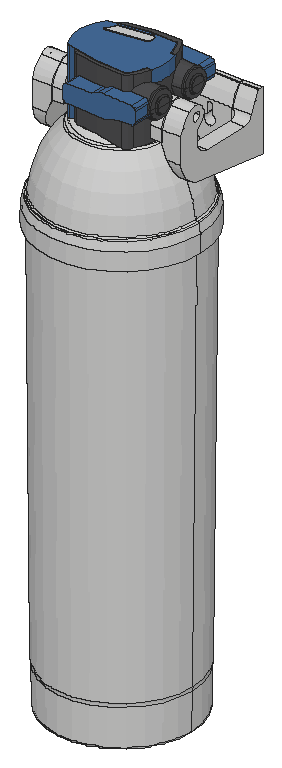
Revit family "QF_Vivreau_PURITY C500 Steam Advanced", category Specialty Equipment, Revit 2020
Family settings
  Round Connector Dimension = Use Diameter
  Part Type = Normal
  OmniClass Number = 23.40.40.14.24
  OmniClass Title = Food Dispensing Equipment
  Work Plane-Based = No
  Always vertical = Yes
  Cut with Voids When Loaded = No
  Shared = No
  Room Calculation Point = No
Parameters
  Width = 0' - 5 55/64"  # constant formula
  Weight in Pounds = 10.14
  Wall Bracket Location [instance] = if(Wall Bracket, 0' 0 15/16", 0' 0")  # 0' - 0 15/16"
  Wall Bracket [instance] = yes
  URL Cutsheet = "https://vivreauwater.com/wp-content/uploads/2024/06/Datasheet_VIVREAU_PURITY_C_Quell_ST_Advanced.pdf"
  URL = "https://vivreauwater.com/products/purity-c-quell-st-advanced/"
  Status = ""
  Specification by User [instance] = ""
  Specification by Manufacturer = "(1054239) Vivreau Purity C500 Steam ADVANCED Filter Exchange cartridge up to 1235 gallons capacity, catalytic carbon, ion exchange for scale chloramine protection for combi & steamers NSF (NET)"
  Serial Number [instance] = ""
  Seismic Rating = ""
  SMACNA No = ""
  Revision Code = ""
  Plumbing Remarks = ""
  Plumbing Connection Type = "NPT"
  NAFEM Spec ID Number = ""
  Mounting Height [instance] = 3' - 0"
  Model = "PURITY C500 Steam Advanced"
  Masterspec = "Division 11"
  Manufacturer = "Vivreau"
  Item Number [instance] = ""
  Installed By [instance] = ""
  Identify Quantity as Lot = yes
  Height = 1' - 9 197/256"  # constant formula
  Furnished By [instance] = ""
  Foodservice Equipment Identifier = yes
  Description = "Water Filter"
  Depth = 0' - 5 221/256"  # constant formula
  Default Elevation = 0' - 0"
  Cold Water Temperature Recommended = 40 °F
  Cold Water Size = 1/2"
  Cold Water RI Height = 0' - 0"
  Cold Water Minimum Pressure = 29.00 psi
  Cold Water Maximum Pressure = 124.00 psi
  Cold Water Flow = 0.440 GPM
  Cold Water Connection Height = 1' - 9"
  CSI MasterFormat = "11 46 00"
  Assembly Code = "E1090320"
Reference planes (in)
  plane 1 "BACK": y = 0
  plane 2 "REF. LAYER": z = 0
  plane 3 "Center (Left/Right)": x = 2.125
  plane 4 "Center (Front/Back)": y = -2.125
  plane 5 "Center (Bottom/Top)": z = 47.29316
  plane 6 "Center F/C": z = 57.76953
  plane 7 "Center F/G": z = 55.95224
  plane 8 "Center F/I": z = 56.86797
  plane 9 "Center F/J": x = 4.31004
  plane 10 "Center F/K": y = 0.9375
  plane 11 "Center F/S": z = 36
  plane 12 "Center F/T": x = -0.80556
  plane 13 "Center F/U": x = 5.05382
  plane 14 "Center F/V": y = -5.05612
  plane 15 "Center F/W": y = 0.80717
Forms (in)
  Revolve 1, solid, material "QF_Plastic-Grey-Vivreau"
    sketch origin (0, -2.125, 0) x (1, 0, 0) y (0, 0, 1)
      loop
        arc (2.12444, 36.23045) -> (3.38956, 36.25642) -> (4.59798, 36.63181) r 4.52345
        line (4.59798, 36.63181) -> (4.59798, 36.02069)
        arc (4.59798, 36.02069) -> (4.60404, 36.00606) -> (4.61867, 36) r 0.02069
        line (4.61867, 36) -> (4.70235, 36)
        arc (4.70235, 36) -> (4.71703, 36.00604) -> (4.7232, 36.02067) r 0.02085
        line (4.7232, 36.02067) -> (4.73499, 37.37156)
        arc (4.73499, 37.37156) -> (4.74215, 37.44281) -> (4.76216, 37.51157) r 0.39196
        line (4.76216, 37.51157) -> (4.88652, 51.95047) -> (5.05382, 51.95047) -> (5.04822, 52.59214) -> (4.96637, 52.8976)
        arc (4.96637, 52.8976) -> (4.95231, 52.91865) -> (4.92834, 52.92678) r 0.03937
        line (4.92834, 52.92678) -> (4.89246, 52.92678)
        arc (4.89246, 52.92678) -> (4.86528, 52.93767) -> (4.85313, 52.96431) r 0.03937
        arc (4.85313, 52.96431) -> (4.53924, 54.20428) -> (3.80842, 55.25402) r 3.57005
        arc (3.80842, 55.25402) -> (3.78071, 55.28126) -> (3.75272, 55.30821) r 3.6804
        arc (3.75272, 55.30821) -> (3.71893, 55.3366) -> (3.68187, 55.36057) r 0.35433
        arc (3.68187, 55.36057) -> (3.5672, 55.42144) -> (3.44977, 55.47679) r 2.72835
        line (3.44977, 55.47679) -> (3.02328, 55.47679) -> (3.02328, 55.95224) -> (2.12444, 55.95224) -> (2.12444, 36.23045)
      axis (2.12444, 55.95224) -> (2.12444, 36)
    angle from 0 to 360
Lines and regions (in)
  symbolic lines
    curve 1: arc (-0.58802, -1.01552, 0) -> (2.12941, -5.05611, 0) -> (4.83467, -1.00736, 0) r 2.93112
    curve 2: arc (0.66677, 0.41764, 0) -> (0.46868, 0.29327, 0) -> (0.28114, 0.15351, 0) r 2.93112
    curve 3: arc (3.96719, 0.15486, 0) -> (3.78043, 0.29388, 0) -> (3.58323, 0.41764, 0) r 2.93112
Dimensions and locks (in)
  plane 4 "Center (Front/Back)" to plane 1 "BACK" = 0' - 2 1/8"
  plane 8 "Center F/I" to plane 7 "Center F/G" to plane 5 "Center (Bottom/Top)" to plane 11 "Center F/S" = 0' - 0.91573" locked, 0' - 8.65907" locked, 0' - 11.29316" locked
  "Wall Bracket Location": plane 1 "BACK" to plane 10 "Center F/K"
  "Height": plane 6 "Center F/C" to plane 11 "Center F/S"
  "Mounting Height": plane 11 "Center F/S" to plane 2 "REF. LAYER"
  "Depth": plane 15 "Center F/W" to plane 14 "Center F/V"
  "Width": plane 12 "Center F/T" to plane 13 "Center F/U"
  aligned and locked: level to plane 2 "REF. LAYER"
  aligned and locked: plane 10 "Center F/K" to nested 2
  aligned and locked: plane 4 "Center (Front/Back)" to nested 1
  aligned and locked: plane 7 "Center F/G" to Revolve 1 sketch curve
  aligned and locked: plane 11 "Center F/S" to Revolve 1 sketch curve
Automatic sketch dimensions
  Revolve 1 sketch curve to plane 3 "Center (Left/Right)" = 0' - 0.91066"
  Revolve 1 sketch curve to Revolve 1 sketch curve = 0' - 0.07695"
  Revolve 1 sketch curve to plane 3 "Center (Left/Right)" = 0' - 0.00056"  (x2)
  plane 3 "Center (Left/Right)" to Revolve 1 sketch curve = 0' - 0.22066"
  plane 3 "Center (Left/Right)" to Revolve 1 sketch curve = 0' - 0.54005"
  Revolve 1 sketch curve to plane 7 "Center F/G" = 0' - 0.47545"
  plane 3 "Center (Left/Right)" to Revolve 1 sketch curve = 0' - 0.89828"
  Revolve 1 sketch curve to Revolve 1 sketch curve = 0' - 0.42649"
  Revolve 1 sketch curve to Revolve 1 sketch curve = 0' - 0.05856"
  plane 9 "Center F/J" to Revolve 1 sketch curve = 0' - 0.28794"
  plane 11 "Center F/S" to Revolve 1 sketch curve = 0' - 0.02069"
  Revolve 1 sketch curve to Revolve 1 sketch curve = 0' - 0.08369"
  plane 11 "Center F/S" to Revolve 1 sketch curve = 0' - 0.02067"
  Revolve 1 sketch curve to Revolve 1 sketch curve = 0' - 0.02085"
  plane 9 "Center F/J" to Revolve 1 sketch curve = 0' - 0.42495"
  Revolve 1 sketch curve to Revolve 1 sketch curve = 0' - 0.02717"
  plane 13 "Center F/U" to Revolve 1 sketch curve = 0' - 0.16729"
  plane 13 "Center F/U" to Revolve 1 sketch curve = 0' - 0.16136"
  Revolve 1 sketch curve to Revolve 1 sketch curve = 0' - 0.03588"
  Revolve 1 sketch curve to Revolve 1 sketch curve = 0' - 0.03803"
  plane 13 "Center F/U" to Revolve 1 sketch curve = 0' - 0.0056"
  plane 13 "Center F/U" to Revolve 1 sketch curve = 0' - 0"
  Revolve 1 sketch curve to plane 13 "Center F/U" = 0' - 0.07312"
  plane 11 "Center F/S" to Revolve 1 sketch curve = 0' - 0.23045"
  Revolve 1 sketch curve to Revolve 1 sketch curve = 0' - 0.61112"
  Revolve 1 sketch curve to Revolve 1 sketch curve = 0' - 0.73632"
  Revolve 1 sketch curve to Revolve 1 sketch curve = 0' - 0.00344"
  Revolve 1 sketch curve to Revolve 1 sketch curve = 0' - 0.64166"
  Revolve 1 sketch curve to plane 7 "Center F/G" = 0' - 3.30897"
  Revolve 1 sketch curve to Revolve 1 sketch curve = 0' - 0.0791"
  Revolve 1 sketch curve to Revolve 1 sketch curve = 0' - 0.29528"
  Revolve 1 sketch curve to Revolve 1 sketch curve = 0' - 0.01019"
  Revolve 1 sketch curve to Revolve 1 sketch curve = 0' - 0.03937"
  Revolve 1 sketch curve to Revolve 1 sketch curve = 0' - 0.25946"
  Revolve 1 sketch curve to Revolve 1 sketch curve = 0' - 0.42514"
  Revolve 1 sketch curve to Revolve 1 sketch curve = 0' - 0"  (x3)
  Revolve 1 sketch curve to Revolve 1 sketch curve = 0' - 0.0557"
  Revolve 1 sketch curve to Revolve 1 sketch curve = 0' - 0.99634"
  Revolve 1 sketch curve to Revolve 1 sketch curve = 0' - 0 3/4"
  curve 1 to curve 2 = 0' - 0"  (x2)
  curve 1 to curve 3 = 0' - 0"  (x2)
  curve 2 to curve 3 = 0' - 0"  (x2)
  curve 1 to plane 3 "Center (Left/Right)" = 0' - 0"
  plane 4 "Center (Front/Back)" to curve 2 = 0' - 0"
  curve 2 to plane 1 "BACK" = 0' - 0.41764"
  curve 2 to plane 3 "Center (Left/Right)" = 0' - 1.45823"
  curve 2 to plane 1 "BACK" = 0' - 0.15351"
  plane 12 "Center F/T" to curve 1 = 0' - 0.21753"
  curve 3 to plane 9 "Center F/J" = 0' - 0.72681"
  curve 3 to plane 1 "BACK" = 0' - 0.15486"
  curve 3 to plane 9 "Center F/J" = 0' - 0.34285"
  plane 13 "Center F/U" to curve 1 = 0' - 0.21915"
  plane 1 "BACK" to curve 1 = 0' - 1.01552"
Nested families (in)
  nested 1: "QF_Vivreau_ Filter Head_C500" at (0.56167, -0.22503, 0), Mounting Height <- "Mounting Height", type "QF_Vivreau_ Filter Head_C500"
    with Specification by User "", Serial Number "", Mounting Height 3' - 0", Installed By "", Furnished By ""
  nested 2: "QF_Vivreau_Wall Bracket_C500" at (-0.61927, 0.9375, 0), Mounting Height <- "Mounting Height", visible <- "Wall Bracket", type "QF_Vivreau_Wall Bracket_C500"
    with Specification by User "", Serial Number "", Mounting Height 3' - 0", Installed By "", Furnished By ""
Connectors (in)
  piping at (4.31004, -2.9124, 56.91406), diameter 0.5, driven by "Cold Water Size", driven by "Cold Water Flow"
    settings: on nested 1, index 1, connector inside diameter 24", connector length 0' - 0", flow factor 0, pipe flow 0.440 GPM, pressure drop 0.00 psi, fitting loss kfactor 0, connector angle 0.00°, fixture units 0, engagement length 0' - 0", angle of deflection 0.00°, flow configuration 1, flow direction 1, fitting loss method 0, system type 20, joint type 0, gender type 0, connector reference index -1, connector utility 0, adjustable connector no, is connector primary yes, connector description "Cold Water"
Definition of nested family "QF_Vivreau_ Filter Head_C500"
  Parameters (values of type "QF_Vivreau_ Filter Head_C500")
    Width = 3' - 0"
    Weight in Pounds = 0
    URL Cutsheet = ""
    Status = ""
    Specification by User [instance] = ""
    Specification by Manufacturer = ""
    Serial Number [instance] = ""
    Seismic Rating = ""
    SMACNA No = ""
    Revision Code = ""
    NAFEM Spec ID Number = ""
    Mounting Height [instance] = 3' - 0"
    Masterspec = ""
    Installed By [instance] = ""
    Identify Quantity as Lot = yes
    Height = 3' - 0"
    Furnished By [instance] = ""
    Foodservice Equipment Identifier = yes
    Depth = 3' - 0"
    Default Elevation = 0' - 0"
    CSI MasterFormat = ""
  Reference planes (in)
    plane 1 "BACK": y = 0
    plane 2 "REF. LAYER": z = 0
    plane 3 "LEFT": x = 0
    plane 4 "Center F/C": x = 3.74837
    plane 5 "Center F/D": y = -3.83618
    plane 6 "Center F/E": z = 56.91406
    plane 7 "Center F/F": z = 57.76895
    plane 8 "Center F/G": z = 55.34513
    plane 9 "Center F/H": z = 56.44072
    plane 10 "Center F/I": z = 57.26882
    plane 11 "Center F/J": y = -1.89997
    plane 12 "Center F/P": z = 36
    plane 13 "Center F/Q": z = 57.62614
  Forms (in)
    Extrusion 1, solid
      sketch origin (-0.56167, 0.22503, 0) x (1, 0, 0) y (0, 1, 0)
        loop
          arc (3.17939, -3.30146) -> (3.22697, -3.28602) -> (3.25911, -3.24769) r 0.09059
          arc (3.25911, -3.24769) -> (3.55796, -2.125) -> (3.25911, -1.00231) r 2.25819
          arc (3.25911, -1.00231) -> (3.22697, -0.96398) -> (3.17939, -0.94854) r 0.09059
          arc (3.17939, -0.94854) -> (2.02567, -0.99526) -> (0.89165, -1.21272) r 7.75678
          arc (0.89165, -1.21272) -> (0.86179, -1.21999) -> (0.83702, -1.2382) r 0.07824
          arc (0.83702, -1.2382) -> (0.56167, -2.125) -> (0.83702, -3.0118) r 1.56569
          arc (0.83702, -3.0118) -> (0.86179, -3.03001) -> (0.89165, -3.03728) r 0.07824
          arc (0.89165, -3.03728) -> (2.02567, -3.25474) -> (3.17939, -3.30146) r 7.75678
      from 55.34513 to 57.76895
    Revolve 2, solid
      sketch origin (-16.04659, -180, 56.91406) x (-1, 0, 0) y (0, -1, 0)
        loop
          line (-19.59812, -178.88743) -> (-18.72075, -178.88743) -> (-18.7668, -178.36111) -> (-19.59812, -178.37562) -> (-19.59812, -178.88743)
        axis (-18.72075, -178.88743) -> (-19.59812, -178.88743)
      angle from 0 to 360
    Revolve 3, solid
      sketch origin (-16.04659, -180, 56.91406) x (-1, 0, 0) y (0, -1, 0)
        loop
          line (-19.59812, -177.31262) -> (-18.72075, -177.31262) -> (-18.7668, -176.7863) -> (-19.59812, -176.80081) -> (-19.59812, -177.31262)
        axis (-18.72075, -177.31262) -> (-19.59812, -177.31262)
      angle from 0 to 360
    Extrusion 4, void
      sketch origin (-0.56167, 0.22503, 0) x (0, 1, 0) y (0, 0, 1)
        loop
          circle (-2.125, 56.38257) r 0.20757
      from 3.17075 to 3.70744
    Extrusion 5, void
      sketch origin (-2.8954, 0.22503, 0) x (0, 1, 0) y (0, 0, 1)
        loop
          circle (-2.125, 56.38257) r 0.20757
      from 2.77402 to 3.28855
    Revolve 6, solid
      sketch origin (-16.04659, -180, 56.91406) x (-1, 0, 0) y (0, -1, 0)
        loop
          line (-19.59812, -178.88743) -> (-19.59812, -178.41499) -> (-19.69654, -178.41499) -> (-19.69654, -178.58034) -> (-19.73591, -178.58379) -> (-19.73591, -178.63349) -> (-19.79497, -178.63349) -> (-19.79497, -178.88743) -> (-19.59812, -178.88743)
        axis (-19.59812, -178.88743) -> (-19.79497, -178.88743)
      angle from 0 to 360
    Revolve 7, solid
      sketch origin (-16.04659, -180, 56.91406) x (-1, 0, 0) y (0, -1, 0)
        loop
          line (-19.59812, -177.31262) -> (-19.59812, -176.84018) -> (-19.69654, -176.84018) -> (-19.69654, -177.00554) -> (-19.73591, -177.00898) -> (-19.73591, -177.05869) -> (-19.79497, -177.05869) -> (-19.79497, -177.31262) -> (-19.59812, -177.31262)
        axis (-19.59812, -177.31262) -> (-19.79497, -177.31262)
      angle from 0 to 360
    Extrusion 8, solid
      sketch origin (0, 0, 0) x (0, 1, 0) y (0, 0, 1)
        loop
          circle (-1.89997, 56.38257) r 0.20757
        loop
          circle (-1.89997, 56.38257) r 0.14507
      from 2.60908 to 3.01441
    Extrusion 9, solid
      sketch origin (-2.62125, 0, 0) x (0, 1, 0) y (0, 0, 1)
        loop
          circle (-1.89997, 56.38257) r 0.20757
        loop
          circle (-1.89997, 56.38257) r 0.14507
      from 2.60908 to 3.01441
    Extrusion 10, solid
      sketch origin (0, 0, 17.66797) x (1, 0, 0) y (0, 1, 0)
        loop
          arc (2.61773, -0.72352) -> (2.65703, -0.73399) -> (2.68778, -0.7606) r 0.09059
          arc (2.68778, -0.7606) -> (2.99629, -1.89997) -> (2.68778, -3.03935) r 2.25819
          arc (2.68778, -3.03935) -> (2.65703, -3.06596) -> (2.61773, -3.07643) r 0.09059
          arc (2.61773, -3.07643) -> (1.60555, -3.04475) -> (0.60613, -2.88147) r 7.75678
          arc (0.60613, -2.88147) -> (0.72009, -2.98959) -> (0.8462, -3.08325) r 1.30616
          arc (0.8462, -3.08325) -> (1.72654, -3.2138) -> (2.6163, -3.23254) r 7.05821
          arc (2.6163, -3.23254) -> (2.77551, -3.16312) -> (2.87152, -3.01839) r 0.30684
          arc (2.87152, -3.01839) -> (3.18694, -1.89997) -> (2.87152, -0.78156) r 2.14057
          arc (2.87152, -0.78156) -> (2.77551, -0.63683) -> (2.6163, -0.5674) r 0.30684
          arc (2.6163, -0.5674) -> (1.72654, -0.58614) -> (0.8462, -0.7167) r 7.05821
          arc (0.8462, -0.7167) -> (0.72009, -0.81036) -> (0.60613, -0.91847) r 1.30616
          arc (0.60613, -0.91847) -> (1.60555, -0.7552) -> (2.61773, -0.72352) r 7.75678
      from 37.67716 to 40.10098
    Extrusion 11, void
      sketch origin (0, 0, 17.66797) x (1, 0, 0) y (0, 1, 0)
        loop
          arc (2.92876, -1.35185) -> (2.99629, -1.89997) -> (2.92876, -2.4481) r 2.25819
          line (2.92876, -2.4481) -> (3.11557, -2.4481)
          arc (3.11557, -2.4481) -> (3.18694, -1.89997) -> (3.11557, -1.35185) r 2.14057
          line (3.11557, -1.35185) -> (2.92876, -1.35185)
      from 40.10098 to 39.60085
    Extrusion 12, solid
      sketch origin (0, 0, 14.25781) x (1, 0, 0) y (0, 1, 0)
        loop
          arc (0.70049, -1.02146) -> (0.59462, -1.21203) -> (0.51669, -1.41563) r 1.54109
          arc (0.51669, -1.41563) -> (0.54, -1.44367) -> (0.57618, -1.44818) r 0.04958
          arc (0.57618, -1.44818) -> (1.21574, -1.31536) -> (1.86503, -1.24405) r 6.85047
          arc (1.86503, -1.24405) -> (2.03249, -1.03201) -> (1.82552, -0.85833) r 0.19395
          arc (1.82552, -0.85833) -> (1.26009, -0.91975) -> (0.70049, -1.02146) r 7.94315
      from 43.36833 to 43.51113
    Extrusion 13, solid
      sketch origin (0, 0, 17.66797) x (1, 0, 0) y (0, 1, 0)
        loop
          arc (3.11557, -2.4481) -> (3.18694, -1.89997) -> (3.11557, -1.35185) r 2.14057
          line (3.11557, -1.35185) -> (2.92876, -1.35185)
          arc (2.92876, -1.35185) -> (2.99629, -1.89997) -> (2.92876, -2.4481) r 2.25819
          line (2.92876, -2.4481) -> (3.11557, -2.4481)
      from 39.60085 to 40.10098
    Extrusion 14, void
      sketch origin (0, 0, 14.75) x (1, 0, 0) y (0, 1, 0)
        loop
          arc (0.57618, -1.44818) -> (1.21574, -1.31536) -> (1.86503, -1.24405) r 6.85047
          arc (1.86503, -1.24405) -> (2.03249, -1.03201) -> (1.82552, -0.85833) r 0.19395
          arc (1.82552, -0.85833) -> (1.26009, -0.91975) -> (0.70049, -1.02146) r 7.94315
          arc (0.70049, -1.02146) -> (0.59462, -1.21203) -> (0.51669, -1.41563) r 1.54109
          arc (0.51669, -1.41563) -> (0.54, -1.44367) -> (0.57618, -1.44818) r 0.04958
      from 42.87614 to 43.01895
  Cuts and joins
    Extrusion 4, Extrusion 5, Extrusion 14 cuts Extrusion 1
    joined: Extrusion 1, Extrusion 13
    Extrusion 11 cuts Extrusion 10
  Lines and regions (in)
    symbolic lines
      curve 1: arc (0.32999, -2.81225, 0) -> (1.464, -3.02972, 0) -> (2.61773, -3.07643, 0) r 7.75678
      curve 2: arc (2.61773, -3.07643, 0) -> (2.6653, -3.061, 0) -> (2.69744, -3.02266, 0) r 0.09059
      curve 3: arc (2.69744, -3.02266, 0) -> (2.99629, -1.89997, 0) -> (2.69744, -0.77728, 0) r 2.25819
      curve 4: arc (2.69744, -0.77728, 0) -> (2.6653, -0.73895, 0) -> (2.61773, -0.72352, 0) r 0.09059
      curve 5: arc (2.61773, -0.72352, 0) -> (1.464, -0.77023, 0) -> (0.32999, -0.9877, 0) r 7.75678
      curve 6: arc (0.32999, -0.9877, 0) -> (0.30012, -0.99496, 0) -> (0.27535, -1.01317, 0) r 0.07824
      curve 7: arc (0.27535, -1.01317, 0) -> (0, -1.89997, 0) -> (0.27535, -2.78678, 0) r 1.56569
      curve 8: arc (0.27535, -2.78678, 0) -> (0.30012, -2.80499, 0) -> (0.32999, -2.81225, 0) r 0.07824
      curve 9: line (3.74837, -2.94131, 0) -> (3.68932, -2.94131, 0)
      curve 10: arc (0.85161, -0.6986, 0) -> (0.82653, -0.78661, 0) -> (0.80424, -0.87538, 0) r 2.89017
      curve 11: arc (0.85161, -0.6986, 0) -> (0.87512, -0.61425, 0) -> (0.90582, -0.53225, 0) r 1.0142
      curve 12: arc (0.90582, -0.53225, 0) -> (0.95826, -0.37458, 0) -> (1.01402, -0.21806, 0) r 7.87402
      curve 13: arc (1.01402, -0.21806, 0) -> (1.03304, -0.19156, 0) -> (1.06321, -0.17918, 0) r 0.05912
      curve 14: arc (1.06321, -0.17918, 0) -> (2.22788, -0.07327, 0) -> (3.39529, -0.1428, 0) r 7.79531
      curve 15: arc (3.39529, -0.1428, 0) -> (3.42859, -0.1583, 0) -> (3.44724, -0.18996, 0) r 0.0619
      curve 16: arc (3.44724, -0.18996, 0) -> (3.48188, -0.39473, 0) -> (3.50801, -0.60076, 0) r 5.02104
      curve 17: line (3.64995, -0.64013, 0) -> (3.55152, -0.64013, 0)
      curve 18: line (3.55152, -0.64013, 0) -> (3.55152, -0.60076, 0)
      curve 19: line (3.55152, -0.60076, 0) -> (3.50801, -0.60076, 0)
      curve 20: line (3.55152, -0.64013, 0) -> (3.55152, -1.62438, 0)
      curve 21: line (3.55152, -1.62438, 0) -> (2.98062, -1.63435, 0)
      curve 22: line (3.64995, -1.58501, 0) -> (3.55152, -1.58501, 0)
      curve 23: line (3.64995, -1.58501, 0) -> (3.64995, -0.64013, 0)
      curve 24: line (3.68932, -1.41621, 0) -> (3.64995, -1.41966, 0)
      curve 25: line (3.68932, -1.41621, 0) -> (3.68932, -0.80849, 0)
      curve 26: line (3.74837, -0.85864, 0) -> (3.68932, -0.85864, 0)
      curve 27: line (3.74837, -0.85864, 0) -> (3.74837, -1.36651, 0)
      curve 28: line (3.74837, -1.36651, 0) -> (3.68932, -1.36651, 0)
      curve 29: line (3.64995, -3.15982, 0) -> (3.55152, -3.15982, 0)
      curve 30: line (3.55152, -3.15982, 0) -> (3.55152, -3.19919, 0)
      curve 31: line (3.55152, -3.19919, 0) -> (3.50801, -3.19919, 0)
      curve 32: line (3.55152, -3.15982, 0) -> (3.55152, -2.17556, 0)
      curve 33: line (3.64995, -2.21493, 0) -> (3.55152, -2.21493, 0)
      curve 34: line (3.64995, -2.21493, 0) -> (3.64995, -3.15982, 0)
      curve 35: line (3.68932, -2.38373, 0) -> (3.64995, -2.38029, 0)
      curve 36: line (3.68932, -2.38373, 0) -> (3.68932, -2.99146, 0)
      curve 37: line (3.74837, -2.94131, 0) -> (3.68932, -2.94131, 0)
      curve 38: line (3.74837, -2.94131, 0) -> (3.74837, -2.43344, 0)
      curve 39: line (3.74837, -2.43344, 0) -> (3.68932, -2.43344, 0)
      curve 40: arc (0.85161, -3.10135, 0) -> (0.82653, -3.01334, 0) -> (0.80424, -2.92457, 0) r 2.89017
      curve 41: arc (0.85161, -3.10135, 0) -> (0.87512, -3.1857, 0) -> (0.90582, -3.2677, 0) r 1.0142
      curve 42: arc (0.90582, -3.2677, 0) -> (0.95826, -3.42537, 0) -> (1.01402, -3.58189, 0) r 7.87402
      curve 43: arc (1.01402, -3.58189, 0) -> (1.03304, -3.60839, 0) -> (1.06321, -3.62077, 0) r 0.05912
      curve 44: arc (1.06321, -3.62077, 0) -> (2.22788, -3.72667, 0) -> (3.39529, -3.65715, 0) r 7.79531
      curve 45: arc (3.39529, -3.65715, 0) -> (3.42859, -3.64164, 0) -> (3.44724, -3.60999, 0) r 0.0619
      curve 46: arc (3.44724, -3.60999, 0) -> (3.48188, -3.40522, 0) -> (3.50801, -3.19919, 0) r 5.02104
      curve 47: line (3.55152, -3.15982, 0) -> (3.55152, -3.19919, 0)
      curve 48: line (3.55152, -3.19919, 0) -> (3.50801, -3.19919, 0)
      curve 49: line (3.55152, -3.15982, 0) -> (3.55152, -2.17556, 0)
      curve 50: line (3.55152, -2.17556, 0) -> (2.98062, -2.1656, 0)
      curve 51: line (0, 0, 0) -> (3.74837, 0, 0)
      curve 52: line (0, -1.89997, 0) -> (2.99629, -1.89997, 0)
      curve 53: line (3.64995, -0.80549, 0) -> (3.68932, -0.80849, 0)
      curve 54: line (3.64995, -2.99446, 0) -> (3.68932, -2.99146, 0)
  Dimensions and locks (in)
    plane 7 "Center F/F" to plane 10 "Center F/I" to plane 6 "Center F/E" to plane 9 "Center F/H" to plane 8 "Center F/G" = 0' - 0.50013" locked, 0' - 0.35475" locked, 0' - 0.47334" locked, 0' - 1.09559" locked
    plane 5 "Center F/D" to plane 11 "Center F/J" to plane 1 "BACK" = 0' - 1.93621" locked, 0' - 1.89997" locked
    locked: plane 6 "Center F/E" to nested 1 at 0.05953
    locked: plane 8 "Center F/G" to plane 12 "Center F/P" at 19.34513
    "Mounting Height": plane 12 "Center F/P" to plane 2 "REF. LAYER"
    locked: plane 7 "Center F/F" to plane 13 "Center F/Q" at 0.14281
    aligned and locked: level to plane 2 "REF. LAYER"
    aligned and locked: plane 7 "Center F/F" to cut or joined group of Extrusion 1, Extrusion 4, Extrusion 5, Extrusion 13, Extrusion 14
    aligned and locked: cut or joined group of Extrusion 1, Extrusion 4, Extrusion 5, Extrusion 13, Extrusion 14 to plane 8 "Center F/G"
    aligned and locked: nested 1 to plane 11 "Center F/J"
    aligned and locked: plane 11 "Center F/J" to nested 1
    aligned and locked: Extrusion 10 to plane 8 "Center F/G"
    aligned and locked: plane 7 "Center F/F" to Extrusion 10
    aligned and locked: Extrusion 13 to plane 10 "Center F/I"
    aligned and locked: Extrusion 11 to plane 7 "Center F/F"
    aligned and locked: Extrusion 11 to plane 10 "Center F/I"
    aligned and locked: plane 7 "Center F/F" to Extrusion 13
    aligned and locked: Extrusion 12 to plane 13 "Center F/Q"
    aligned and locked: plane 7 "Center F/F" to Extrusion 12
    aligned and locked: Extrusion 14 to plane 13 "Center F/Q"
    aligned and locked: plane 7 "Center F/F" to Extrusion 14
  Automatic sketch dimensions
    curve 51 to level = 0' - 0"
    curve 51 to plane 3 "LEFT" = 0' - 0"
    curve 51 to plane 4 "Center F/C" = 0' - 0"
    curve 52 to plane 3 "LEFT" = 0' - 0"
    plane 11 "Center F/J" to curve 3 = 0' - 0"
    plane 11 "Center F/J" to curve 7 = 0' - 0"
    plane 11 "Center F/J" to curve 52 = 0' - 0"
    curve 39 to plane 4 "Center F/C" = 0' - 0"
    curve 28 to plane 4 "Center F/C" = 0' - 0"
    curve 16 to plane 3 "LEFT" = 0' - 1.48511"
    curve 46 to plane 3 "LEFT" = 0' - 1.48511"
    plane 3 "LEFT" to curve 8 = 0' - 0.33318"
    plane 3 "LEFT" to curve 6 = 0' - 0.33318"
    plane 3 "LEFT" to curve 3 = 0' - 0.7381"
    plane 1 "BACK" to curve 13 = 0' - 0.23795"
    plane 3 "LEFT" to curve 13 = 0' - 1.0697"
    curve 43 to plane 5 "Center F/D" = 0' - 0.27418"
    plane 3 "LEFT" to curve 43 = 0' - 1.0697"
    curve 3 to curve 7 = 0' - 0.82759"
    curve 7 to curve 11 = 0' - 0.27372"
    curve 7 to curve 41 = 0' - 0.27372"
    curve 14 to plane 4 "Center F/C" = 0' - 1.39888"
    curve 44 to plane 4 "Center F/C" = 0' - 1.39888"
    curve 44 to curve 1 = 0' - 0.00431"
    curve 14 to curve 5 = 0' - 0.00431"
    curve 41 to curve 2 = 0' - 0.77523"
    curve 11 to curve 4 = 0' - 0.77523"
    plane 1 "BACK" to curve 15 = 0' - 0.20414"
    curve 15 to plane 4 "Center F/C" = 0' - 0.36139"
    curve 45 to plane 4 "Center F/C" = 0' - 0.36139"
    curve 48 to plane 4 "Center F/C" = 0' - 0.24036"
    curve 19 to plane 4 "Center F/C" = 0' - 0.24036"
    curve 16 to curve 19 = 0' - 0.04351"
    curve 31 to curve 48 = 0' - 0.04351"
    curve 22 to curve 10 = 0' - 0.0667"
    curve 33 to curve 40 = 0' - 0.0667"
    curve 17 to curve 17 = 0' - 0.09843"
    curve 29 to curve 34 = 0' - 0.09843"
    curve 24 to curve 25 = 0' - 0.03937"
    curve 35 to curve 35 = 0' - 0.03937"
    plane 1 "BACK" to curve 42 = 0' - 0.86161"
    plane 4 "Center F/C" to curve 42 = 0' - 4.65484"
    curve 12 to plane 5 "Center F/D" = 0' - 0.89785"
    curve 12 to curve 42 = 0' - 0"
    curve 45 to plane 5 "Center F/D" = 0' - 0.24037"
    plane 5 "Center F/D" to curve 14 = 0' - 4.03145"
    curve 5 to curve 14 = 0' - 0.60817"
    curve 45 to curve 47 = 0' - 0.39662"
    curve 30 to curve 34 = 0' - 0.03937"
    curve 29 to curve 36 = 0' - 0.16836"
    curve 2 to plane 5 "Center F/D" = 0' - 0.85029"
    curve 36 to curve 9 = 0' - 0.05014"
    curve 2 to curve 41 = 0' - 0.11446"
    plane 11 "Center F/J" to curve 8 = 0' - 0.8341"
    plane 11 "Center F/J" to curve 46 = 0' - 0.77047"
    curve 9 to curve 39 = 0' - 0.50787"
    curve 39 to curve 36 = 0' - 0.04971"
    curve 35 to curve 40 = 0' - 0.11843"
    curve 40 to curve 34 = 0' - 0.05037"
    curve 33 to curve 49 = 0' - 0.03937"
    curve 21 to plane 11 "Center F/J" = 0' - 0.27559"
    curve 20 to curve 22 = 0' - 0.03937"
    curve 22 to curve 10 = 0' - 0.05037"
    curve 10 to curve 24 = 0' - 0.11843"
    curve 24 to curve 27 = 0' - 0.04971"
    curve 16 to plane 11 "Center F/J" = 0' - 0.77047"
    curve 6 to plane 11 "Center F/J" = 0' - 0.8341"
    plane 1 "BACK" to curve 11 = 0' - 0.92852"
    curve 27 to curve 26 = 0' - 0.50787"
    curve 11 to curve 4 = 0' - 0.11446"
    curve 26 to curve 25 = 0' - 0.05014"
    curve 25 to curve 17 = 0' - 0.16836"
    curve 17 to curve 19 = 0' - 0.03937"
    curve 44 to plane 1 "BACK" = 0' - 4.06768"
    curve 44 to curve 1 = 0' - 0.60817"
    curve 8 to curve 8 = 0' - 0.05783"
    curve 6 to curve 6 = 0' - 0.05783"
    curve 7 to curve 6 = 0' - 0.05464"
    curve 8 to curve 8 = 0' - 0.05464"
    curve 8 to curve 40 = 0' - 0.47425"
    curve 5 to curve 10 = 0' - 0.47425"
    curve 40 to curve 40 = 0' - 0.04737"
    curve 10 to curve 10 = 0' - 0.04737"
    curve 10 to curve 11 = 0' - 0.05421"
    curve 41 to curve 41 = 0' - 0.05421"
    curve 43 to curve 43 = 0' - 0.05568"
    curve 12 to curve 13 = 0' - 0.05568"
    curve 43 to curve 43 = 0' - 0.00649"
    curve 13 to curve 13 = 0' - 0.00649"
    curve 4 to curve 5 = 0' - 0"
    curve 2 to curve 1 = 0' - 0"
    curve 2 to curve 2 = 0' - 0.08279"
    curve 21 to plane 11 "Center F/J" = 0' - 0 17/64"
    plane 11 "Center F/J" to curve 50 = 0' - 0 17/64"
    curve 15 to curve 14 = 0' - 0"
    curve 45 to curve 44 = 0' - 0"
    curve 54 to curve 36 = 0' - 0.00301"
    curve 35 to curve 35 = 0' - 0.00344"
    curve 24 to curve 24 = 0' - 0.00344"
    curve 25 to curve 53 = 0' - 0.00301"
    plane 11 "Center F/J" to Extrusion 1 sketch curve = 0' - 0"  (x2)
    plane 3 "LEFT" to Extrusion 1 sketch curve = 0' - 0.33318"  (x2)
    plane 3 "LEFT" to Extrusion 1 sketch curve = 0' - 0.7381"
    Extrusion 1 sketch curve to Extrusion 1 sketch curve = 0' - 0.82759"
    Extrusion 1 sketch curve to plane 4 "Center F/C" = 0' - 1.39457"  (x2)
    Extrusion 1 sketch curve to plane 4 "Center F/C" = 0' - 1.13373"  (x2)
    plane 11 "Center F/J" to Extrusion 1 sketch curve = 0' - 0.8341"
    Extrusion 1 sketch curve to plane 5 "Center F/D" = 0' - 0.85029"
    plane 5 "Center F/D" to Extrusion 1 sketch curve = 0' - 4.63962"
    Extrusion 1 sketch curve to plane 11 "Center F/J" = 0' - 0.8341"
    plane 1 "BACK" to Extrusion 1 sketch curve = 0' - 0.81406"
    Extrusion 1 sketch curve to plane 1 "BACK" = 0' - 4.67585"
    Extrusion 1 sketch curve to Extrusion 1 sketch curve = 0' - 0.0032"  (x2)
    Extrusion 1 sketch curve to Extrusion 1 sketch curve = 0' - 0.05464"  (x2)
    Extrusion 1 sketch curve to Extrusion 1 sketch curve = 0' - 0.00308"  (x2)
    Extrusion 1 sketch curve to Extrusion 1 sketch curve = 0' - 0"
    Extrusion 1 sketch curve to Extrusion 1 sketch curve = 0' - 0.08279"
    Revolve 2 sketch curve to plane 4 "Center F/C" = 0' - 0.19685"
    Revolve 2 sketch curve to plane 11 "Center F/J" = 0' - 0.26108"
    Revolve 2 sketch curve to Revolve 2 sketch curve = 0' - 0.83132"
    Revolve 2 sketch curve to Revolve 2 sketch curve = 0' - 0.04605"
    Revolve 2 sketch curve to plane 11 "Center F/J" = 0' - 0.27559"
    Revolve 2 sketch curve to Revolve 2 sketch curve = 0' - 0.52632"
    Revolve 2 sketch curve to Revolve 2 sketch curve = 0' - 0"  (x3)
    Revolve 3 sketch curve to plane 4 "Center F/C" = 0' - 0.19685"
    Revolve 3 sketch curve to Revolve 3 sketch curve = 0' - 0.83132"
    Revolve 3 sketch curve to Revolve 3 sketch curve = 0' - 0.04605"
    plane 11 "Center F/J" to Revolve 3 sketch curve = 0' - 0.7874"
    Revolve 3 sketch curve to Revolve 3 sketch curve = 0' - 0.51181"
    Revolve 3 sketch curve to Revolve 3 sketch curve = 0' - 0.52632"
    Revolve 3 sketch curve to Revolve 3 sketch curve = 0' - 0"  (x3)
    Extrusion 4 sketch curve to plane 11 "Center F/J" = 0' - 0"
    Extrusion 4 sketch curve to plane 9 "Center F/H" = 0' - 0.05816"
    Extrusion 5 sketch curve to plane 11 "Center F/J" = 0' - 0"
    Extrusion 5 sketch curve to plane 9 "Center F/H" = 0' - 0.05816"
    Revolve 6 sketch curve to plane 4 "Center F/C" = 0' - 0"
    Revolve 6 sketch curve to plane 4 "Center F/C" = 0' - 0.05906"
    Revolve 6 sketch curve to Revolve 6 sketch curve = 0' - 0.03937"
    Revolve 6 sketch curve to Revolve 6 sketch curve = 0' - 0.09843"
    Revolve 6 sketch curve to plane 11 "Center F/J" = 0' - 0.7874"
    Revolve 6 sketch curve to Revolve 6 sketch curve = 0' - 0.25394"
    Revolve 6 sketch curve to Revolve 6 sketch curve = 0' - 0.04971"
    Revolve 6 sketch curve to Revolve 6 sketch curve = 0' - 0.00344"
    Revolve 6 sketch curve to Revolve 6 sketch curve = 0' - 0.16535"
    Revolve 6 sketch curve to Revolve 6 sketch curve = 0' - 0.0902"
    Revolve 6 sketch curve to Revolve 6 sketch curve = 0' - 0"  (x2)
    Revolve 7 sketch curve to plane 4 "Center F/C" = 0' - 0"
    Revolve 7 sketch curve to plane 4 "Center F/C" = 0' - 0.05906"
    Revolve 7 sketch curve to Revolve 7 sketch curve = 0' - 0.03937"
    Revolve 7 sketch curve to Revolve 7 sketch curve = 0' - 0.09843"
    plane 11 "Center F/J" to Revolve 7 sketch curve = 0' - 0.7874"
    Revolve 7 sketch curve to Revolve 7 sketch curve = 0' - 0.25394"
    Revolve 7 sketch curve to Revolve 7 sketch curve = 0' - 0.04971"
    Revolve 7 sketch curve to Revolve 7 sketch curve = 0' - 0.00344"
    Revolve 7 sketch curve to Revolve 7 sketch curve = 0' - 0.16535"
    Revolve 7 sketch curve to Revolve 7 sketch curve = 0' - 0.0902"
    Revolve 7 sketch curve to Revolve 7 sketch curve = 0' - 0"  (x2)
    Extrusion 8 sketch curve to Extrusion 8 sketch curve = 0' - 0"  (x6)
    Extrusion 8 sketch curve to plane 11 "Center F/J" = 0' - 0"
    Extrusion 8 sketch curve to plane 9 "Center F/H" = 0' - 0.05816"
    plane 11 "Center F/J" to Extrusion 8 sketch curve = 0' - 0.14507"
    Extrusion 9 sketch curve to Extrusion 9 sketch curve = 0' - 0"  (x6)
    Extrusion 9 sketch curve to plane 11 "Center F/J" = 0' - 0"
    Extrusion 9 sketch curve to plane 9 "Center F/H" = 0' - 0.05816"
    plane 11 "Center F/J" to Extrusion 9 sketch curve = 0' - 0.14507"
    plane 11 "Center F/J" to Extrusion 10 sketch curve = 0' - 0"  (x2)
    plane 3 "LEFT" to Extrusion 10 sketch curve = 0' - 0.7381"
    Extrusion 10 sketch curve to Extrusion 10 sketch curve = 0' - 0.30827"
    plane 11 "Center F/J" to Extrusion 10 sketch curve = 0' - 0.08971"
    Extrusion 10 sketch curve to Extrusion 10 sketch curve = 0' - 0.5141"
    Extrusion 10 sketch curve to Extrusion 10 sketch curve = 0' - 0"  (x3)
    Extrusion 10 sketch curve to plane 4 "Center F/C" = 0' - 1.42862"  (x2)
    Extrusion 10 sketch curve to Extrusion 10 sketch curve = 0' - 0.03406"  (x2)
    Extrusion 10 sketch curve to plane 4 "Center F/C" = 0' - 1.1701"  (x2)
    Extrusion 10 sketch curve to Extrusion 10 sketch curve = 0' - 0.03637"  (x2)
    Extrusion 10 sketch curve to plane 5 "Center F/D" = 0' - 0.90812"
    Extrusion 10 sketch curve to Extrusion 10 sketch curve = 0' - 0.05782"  (x2)
    plane 5 "Center F/D" to Extrusion 10 sketch curve = 0' - 3.78319"
    Extrusion 10 sketch curve to Extrusion 10 sketch curve = 0' - 0.85642"  (x2)
    Extrusion 10 sketch curve to plane 11 "Center F/J" = 0' - 0.08971"
    plane 1 "BACK" to Extrusion 10 sketch curve = 0' - 0.87188"
    Extrusion 10 sketch curve to plane 1 "BACK" = 0' - 3.81943"
    plane 3 "LEFT" to Extrusion 10 sketch curve = 0' - 0.60613"  (x2)
    Extrusion 10 sketch curve to Extrusion 10 sketch curve = 0' - 0.24007"  (x2)
    Extrusion 10 sketch curve to Extrusion 10 sketch curve = 0' - 0.00166"  (x2)
    Extrusion 10 sketch curve to Extrusion 10 sketch curve = 0' - 0.00308"  (x2)
    Extrusion 10 sketch curve to Extrusion 10 sketch curve = 0' - 0.07006"
    Extrusion 10 sketch curve to Extrusion 10 sketch curve = 0' - 0.18374"
    plane 11 "Center F/J" to Extrusion 11 sketch curve = 0' - 0"  (x2)
    plane 3 "LEFT" to Extrusion 11 sketch curve = 0' - 0.7381"
    Extrusion 11 sketch curve to Extrusion 11 sketch curve = 0' - 0.30827"
    Extrusion 11 sketch curve to plane 4 "Center F/C" = 0' - 0.81961"
    Extrusion 11 sketch curve to plane 11 "Center F/J" = 0' - 0.54813"
    Extrusion 11 sketch curve to Extrusion 11 sketch curve = 0' - 0"
    Extrusion 11 sketch curve to Extrusion 11 sketch curve = 0' - 0.18681"
    plane 3 "LEFT" to Extrusion 12 sketch curve = 0' - 0.5638"
    Extrusion 12 sketch curve to Extrusion 12 sketch curve = 0' - 1.27575"
    Extrusion 12 sketch curve to plane 11 "Center F/J" = 0' - 0.03665"
    Extrusion 12 sketch curve to Extrusion 12 sketch curve = 0' - 0.15177"
    Extrusion 12 sketch curve to plane 4 "Center F/C" = 0' - 1.46099"
    Extrusion 12 sketch curve to Extrusion 12 sketch curve = 0' - 0.11254"
    plane 5 "Center F/D" to Extrusion 12 sketch curve = 0' - 4.2453"
    Extrusion 12 sketch curve to Extrusion 12 sketch curve = 0' - 0 179/256"
    Extrusion 12 sketch curve to plane 11 "Center F/J" = 0' - 0.4998"
    Extrusion 12 sketch curve to Extrusion 12 sketch curve = 0' - 0.81155"
    Extrusion 12 sketch curve to Extrusion 12 sketch curve = 0' - 0.04711"
    Extrusion 12 sketch curve to Extrusion 12 sketch curve = 0' - 0.01238"
    Extrusion 12 sketch curve to Extrusion 12 sketch curve = 0' - 0"  (x2)
    Extrusion 12 sketch curve to Extrusion 12 sketch curve = 0' - 0.13669"
    plane 11 "Center F/J" to Extrusion 13 sketch curve = 0' - 0"  (x2)
    plane 3 "LEFT" to Extrusion 13 sketch curve = 0' - 0.7381"
    Extrusion 13 sketch curve to Extrusion 13 sketch curve = 0' - 0.30827"
    Extrusion 13 sketch curve to plane 4 "Center F/C" = 0' - 0.81961"
    plane 11 "Center F/J" to Extrusion 13 sketch curve = 0' - 0.54813"
    Extrusion 13 sketch curve to Extrusion 13 sketch curve = 0' - 0"
    Extrusion 13 sketch curve to Extrusion 13 sketch curve = 0' - 0.18681"
    plane 3 "LEFT" to Extrusion 14 sketch curve = 0' - 0.5638"
    Extrusion 14 sketch curve to Extrusion 14 sketch curve = 0' - 1.27575"
    Extrusion 14 sketch curve to plane 11 "Center F/J" = 0' - 0.03665"
    Extrusion 14 sketch curve to Extrusion 14 sketch curve = 0' - 0.15177"
    Extrusion 14 sketch curve to plane 4 "Center F/C" = 0' - 1.46099"
    Extrusion 14 sketch curve to Extrusion 14 sketch curve = 0' - 0.11254"
    plane 5 "Center F/D" to Extrusion 14 sketch curve = 0' - 4.2453"
    Extrusion 14 sketch curve to Extrusion 14 sketch curve = 0' - 0 179/256"
    Extrusion 14 sketch curve to plane 11 "Center F/J" = 0' - 0.4998"
    Extrusion 14 sketch curve to Extrusion 14 sketch curve = 0' - 0.81155"
    Extrusion 14 sketch curve to Extrusion 14 sketch curve = 0' - 0.04711"
    Extrusion 14 sketch curve to Extrusion 14 sketch curve = 0' - 0.01238"
    Extrusion 14 sketch curve to Extrusion 14 sketch curve = 0' - 0"  (x2)
    Extrusion 14 sketch curve to Extrusion 14 sketch curve = 0' - 0.13669"
    radius of Extrusion 4 sketch curve = 0' - 0.20757"
    radius of Extrusion 5 sketch curve = 0' - 0.20757"
    radius of Extrusion 8 sketch curve = 0' - 0.20757"
    radius of Extrusion 9 sketch curve = 0' - 0.20757"
  Nested families (in)
    nested 1: "QF_Vivreau_Filter Handles" at (0, 0.00348, 56.44081), type "QF_Vivreau_Filter Handles"
      with Specification by User "", Serial Number "", Installed By "", Furnished By ""
  Definition of nested family "QF_Vivreau_Filter Handles"
    Parameters (values of type "QF_Vivreau_Filter Handles")
      Width = 3' - 0"
      Weight in Pounds = 0
      URL Cutsheet = ""
      Status = ""
      Specification by User [instance] = ""
      Specification by Manufacturer = ""
      Serial Number [instance] = ""
      Seismic Rating = ""
      SMACNA No = ""
      Revision Code = ""
      NAFEM Spec ID Number = ""
      Masterspec = ""
      Installed By [instance] = ""
      Identify Quantity as Lot = yes
      Height = 3' - 0"
      Furnished By [instance] = ""
      Foodservice Equipment Identifier = yes
      Depth = 3' - 0"
      Default Elevation = 0' - 0"
      CSI MasterFormat = ""
    Reference planes (in)
      plane 1 "BACK": y = 0
      plane 2 "REF. LAYER": z = 0
      plane 3 "LEFT": x = 0
      plane 4 "Center F/C": y = -3.80691
      plane 5 "Center F/D": y = -1.90346
      plane 6 "Center F/E": z = 0.82744
      plane 7 "Center F/G": z = 0.41372
    Forms (in)
      Extrusion 1, solid
        sketch origin (0, 0, 0.00057) x (1, 0, 0) y (0, 0, 1)
          loop
            arc (0.8571, 0.55383) -> (0.83682, 0.35511) -> (0.85692, 0.15637) r 0.98817
            arc (0.85692, 0.15637) -> (0.86589, 0.12276) -> (0.88395, 0.09303) r 0.12237
            arc (0.88395, 0.09303) -> (0.93471, 0.05225) -> (0.99753, 0.03515) r 0.15952
            arc (0.99753, 0.03515) -> (1.67538, 0.00582) -> (2.35383, -0.00057) r 20.04898
            arc (2.35383, -0.00057) -> (2.46018, 0.01423) -> (2.5591, 0.056) r 0.41198
            arc (2.5591, 0.056) -> (2.66038, 0.09965) -> (2.76926, 0.11724) r 0.44816
            arc (2.76926, 0.11724) -> (2.80698, 0.11798) -> (2.84471, 0.11743) r 1.0994
            arc (2.84471, 0.11743) -> (3.11065, 0.13237) -> (3.37687, 0.14075) r 10.80002
            arc (3.37687, 0.14075) -> (3.46417, 0.17008) -> (3.51799, 0.24481) r 0.15034
            arc (3.51799, 0.24481) -> (3.52598, 0.27307) -> (3.53184, 0.30184) r 0.39378
            arc (3.53184, 0.30184) -> (3.5372, 0.4622) -> (3.53184, 0.62256) r 2.40126
            arc (3.53184, 0.62256) -> (3.52497, 0.65354) -> (3.51681, 0.6842) r 0.75395
            arc (3.51681, 0.6842) -> (3.46404, 0.75745) -> (3.37897, 0.78767) r 0.1515
            line (3.37897, 0.78767) -> (2.35397, 0.82744)
            arc (2.35397, 0.82744) -> (2.24358, 0.81406) -> (2.14136, 0.77028) r 0.39277
            arc (2.14136, 0.77028) -> (2.03449, 0.72381) -> (1.91904, 0.70788) r 0.42817
            arc (1.91904, 0.70788) -> (1.45811, 0.69557) -> (0.99753, 0.67361) r 21.98526
            arc (0.99753, 0.67361) -> (0.93424, 0.65729) -> (0.88352, 0.61606) r 0.1531
            arc (0.88352, 0.61606) -> (0.86721, 0.58626) -> (0.8571, 0.55383) r 0.17143
        from 0.08356 to 0.9172
      Extrusion 2, solid
        sketch origin (0, -2.80616, 0.00057) x (1, 0, 0) y (0, 0, 1)
          loop
            arc (0.8571, 0.55383) -> (0.83682, 0.35511) -> (0.85692, 0.15637) r 0.98817
            arc (0.85692, 0.15637) -> (0.86589, 0.12276) -> (0.88395, 0.09303) r 0.12237
            arc (0.88395, 0.09303) -> (0.93471, 0.05225) -> (0.99753, 0.03515) r 0.15952
            arc (0.99753, 0.03515) -> (1.67538, 0.00582) -> (2.35383, -0.00057) r 20.04898
            arc (2.35383, -0.00057) -> (2.46018, 0.01423) -> (2.5591, 0.056) r 0.41198
            arc (2.5591, 0.056) -> (2.66038, 0.09965) -> (2.76926, 0.11724) r 0.44816
            arc (2.76926, 0.11724) -> (2.80698, 0.11798) -> (2.84471, 0.11743) r 1.0994
            arc (2.84471, 0.11743) -> (3.11065, 0.13237) -> (3.37687, 0.14075) r 10.80002
            arc (3.37687, 0.14075) -> (3.46417, 0.17008) -> (3.51799, 0.24481) r 0.15034
            arc (3.51799, 0.24481) -> (3.52598, 0.27307) -> (3.53184, 0.30184) r 0.39378
            arc (3.53184, 0.30184) -> (3.5372, 0.4622) -> (3.53184, 0.62256) r 2.40126
            arc (3.53184, 0.62256) -> (3.52497, 0.65354) -> (3.51681, 0.6842) r 0.75395
            arc (3.51681, 0.6842) -> (3.46404, 0.75745) -> (3.37897, 0.78767) r 0.1515
            line (3.37897, 0.78767) -> (2.35397, 0.82744)
            arc (2.35397, 0.82744) -> (2.24358, 0.81406) -> (2.14136, 0.77028) r 0.39277
            arc (2.14136, 0.77028) -> (2.03449, 0.72381) -> (1.91904, 0.70788) r 0.42817
            arc (1.91904, 0.70788) -> (1.45811, 0.69557) -> (0.99753, 0.67361) r 21.98526
            arc (0.99753, 0.67361) -> (0.93424, 0.65729) -> (0.88352, 0.61606) r 0.1531
            arc (0.88352, 0.61606) -> (0.86721, 0.58626) -> (0.8571, 0.55383) r 0.17143
        from 0.08356 to 0.9172
    Lines and regions (in)
      symbolic lines
        curve 1: line (1.75, -1.90346, 0) -> (3.5, -1.90346, 0)
        curve 2: line (0.83856, 0, 0.41372) -> (3.5367, 0, 0.41372)
    Dimensions and locks (in)
      locked: plane 6 "Center F/E" to plane 2 "REF. LAYER" at 0.82744
      equal spacing: plane 6 "Center F/E", plane 7 "Center F/G", plane 2 "REF. LAYER"
      aligned and locked: level to plane 2 "REF. LAYER"
    Automatic sketch dimensions
      curve 2 to plane 7 "Center F/G" = 0' - 0"
      plane 3 "LEFT" to curve 2 = 0' - 0.83856"
      curve 2 to curve 2 = 0' - 2.69814"
      curve 1 to plane 5 "Center F/D" = 0' - 0"
      plane 3 "LEFT" to curve 1 = 0' - 1 3/4"
      curve 1 to curve 1 = 0' - 1 3/4"
      Extrusion 1 sketch curve to level = 0' - 0"  (x2)
      level to Extrusion 1 sketch curve = 0' - 0.17134"
      plane 3 "LEFT" to Extrusion 1 sketch curve = 0' - 0.97844"
      plane 7 "Center F/G" to Extrusion 1 sketch curve = 0' - 0.10746"
      Extrusion 1 sketch curve to Extrusion 1 sketch curve = 0' - 0.02478"
      Extrusion 1 sketch curve to Extrusion 1 sketch curve = 0' - 0.02868"
      Extrusion 1 sketch curve to Extrusion 1 sketch curve = 0' - 0.02179"
      plane 7 "Center F/G" to Extrusion 1 sketch curve = 0' - 0.04905"
      Extrusion 1 sketch curve to Extrusion 1 sketch curve = 0' - 0.11092"
      Extrusion 1 sketch curve to plane 7 "Center F/G" = 0' - 0.05849"
      Extrusion 1 sketch curve to Extrusion 1 sketch curve = 0' - 0.68906"
      Extrusion 1 sketch curve to Extrusion 1 sketch curve = 0' - 0.09378"
      plane 3 "LEFT" to Extrusion 1 sketch curve = 0' - 2.20319"
      plane 3 "LEFT" to Extrusion 1 sketch curve = 0' - 2.27513"
      plane 7 "Center F/G" to Extrusion 1 sketch curve = 0' - 0.0216"
      Extrusion 1 sketch curve to Extrusion 1 sketch curve = 0' - 0.52056"
      Extrusion 1 sketch curve to plane 7 "Center F/G" = 0' - 0.00175"
      Extrusion 1 sketch curve to Extrusion 1 sketch curve = 0' - 0.00519"
      plane 6 "Center F/E" to Extrusion 1 sketch curve = 0' - 0.00057"
      Extrusion 1 sketch curve to Extrusion 1 sketch curve = 0' - 0.00842"
      Extrusion 1 sketch curve to Extrusion 1 sketch curve = 0' - 0.43503"
      plane 7 "Center F/G" to Extrusion 1 sketch curve = 0' - 0.06185"
      Extrusion 1 sketch curve to Extrusion 1 sketch curve = 0' - 0.44173"
      Extrusion 1 sketch curve to Extrusion 1 sketch curve = 0' - 0.02398"
      Extrusion 1 sketch curve to plane 7 "Center F/G" = 0' - 0.04717"
      Extrusion 1 sketch curve to Extrusion 1 sketch curve = 0' - 0.35084"
      Extrusion 1 sketch curve to Extrusion 1 sketch curve = 0' - 0.22978"
      Extrusion 1 sketch curve to Extrusion 1 sketch curve = 0' - 0.23163"
      Extrusion 1 sketch curve to plane 6 "Center F/E" = 0' - 0.0392"
      Extrusion 1 sketch curve to Extrusion 1 sketch curve = 0' - 0.00587"
      plane 3 "LEFT" to Extrusion 1 sketch curve = 0' - 3.58344"
      Extrusion 1 sketch curve to level = 0' - 0.33005"
      Extrusion 1 sketch curve to Extrusion 1 sketch curve = 0' - 0.6508"
      Extrusion 1 sketch curve to Extrusion 1 sketch curve = 0' - 9.67588"
      Extrusion 1 sketch curve to Extrusion 1 sketch curve = 0' - 10 79/128"
      Extrusion 1 sketch curve to Extrusion 1 sketch curve = 0' - 0.0236"
      Extrusion 1 sketch curve to plane 7 "Center F/G" = 0' - 0.12208"
      Extrusion 1 sketch curve to Extrusion 1 sketch curve = 0' - 0.00134"
      Extrusion 1 sketch curve to Extrusion 1 sketch curve = 0' - 0.15138"
      plane 6 "Center F/E" to Extrusion 1 sketch curve = 0' - 0.30918"
      Extrusion 1 sketch curve to Extrusion 1 sketch curve = 1' - 6.91181"
      level to Extrusion 1 sketch curve = 0' - 0.09359"
      Extrusion 1 sketch curve to Extrusion 1 sketch curve = 0' - 0"  (x5)
      Extrusion 1 sketch curve to Extrusion 1 sketch curve = 0' - 0.1197"
      Extrusion 1 sketch curve to Extrusion 1 sketch curve = 0' - 0.02642"
      Extrusion 1 sketch curve to Extrusion 1 sketch curve = 0' - 0.11401"
      Extrusion 1 sketch curve to plane 6 "Center F/E" = 0' - 0.11899"
      Extrusion 1 sketch curve to Extrusion 1 sketch curve = 0' - 0.07545"
      level to Extrusion 1 sketch curve = 0' - 0.14131"
      Extrusion 1 sketch curve to plane 6 "Center F/E" = 0' - 0.14267"
      Extrusion 1 sketch curve to Extrusion 1 sketch curve = 0' - 0.01385"
      Extrusion 2 sketch curve to level = 0' - 0"  (x2)
      level to Extrusion 2 sketch curve = 0' - 0.17134"
      plane 3 "LEFT" to Extrusion 2 sketch curve = 0' - 0.97844"
      plane 7 "Center F/G" to Extrusion 2 sketch curve = 0' - 0.10746"
      Extrusion 2 sketch curve to Extrusion 2 sketch curve = 0' - 0.02478"
      Extrusion 2 sketch curve to Extrusion 2 sketch curve = 0' - 0.02868"
      Extrusion 2 sketch curve to Extrusion 2 sketch curve = 0' - 0.02179"
      plane 7 "Center F/G" to Extrusion 2 sketch curve = 0' - 0.04905"
      Extrusion 2 sketch curve to Extrusion 2 sketch curve = 0' - 0.11092"
      Extrusion 2 sketch curve to plane 7 "Center F/G" = 0' - 0.05849"
      Extrusion 2 sketch curve to Extrusion 2 sketch curve = 0' - 0.68906"
      Extrusion 2 sketch curve to Extrusion 2 sketch curve = 0' - 0.09378"
      plane 3 "LEFT" to Extrusion 2 sketch curve = 0' - 2.20319"
      plane 3 "LEFT" to Extrusion 2 sketch curve = 0' - 2.27513"
      plane 7 "Center F/G" to Extrusion 2 sketch curve = 0' - 0.0216"
      Extrusion 2 sketch curve to Extrusion 2 sketch curve = 0' - 0.52056"
      Extrusion 2 sketch curve to plane 7 "Center F/G" = 0' - 0.00175"
      Extrusion 2 sketch curve to Extrusion 2 sketch curve = 0' - 0.00519"
      plane 6 "Center F/E" to Extrusion 2 sketch curve = 0' - 0.00057"
      Extrusion 2 sketch curve to Extrusion 2 sketch curve = 0' - 0.00842"
      Extrusion 2 sketch curve to Extrusion 2 sketch curve = 0' - 0.43503"
      plane 7 "Center F/G" to Extrusion 2 sketch curve = 0' - 0.06185"
      Extrusion 2 sketch curve to Extrusion 2 sketch curve = 0' - 0.44173"
      Extrusion 2 sketch curve to Extrusion 2 sketch curve = 0' - 0.02398"
      Extrusion 2 sketch curve to plane 7 "Center F/G" = 0' - 0.04717"
      Extrusion 2 sketch curve to Extrusion 2 sketch curve = 0' - 0.35084"
      Extrusion 2 sketch curve to Extrusion 2 sketch curve = 0' - 0.22978"
      Extrusion 2 sketch curve to Extrusion 2 sketch curve = 0' - 0.23163"
      Extrusion 2 sketch curve to plane 6 "Center F/E" = 0' - 0.0392"
      Extrusion 2 sketch curve to Extrusion 2 sketch curve = 0' - 0.00587"
      plane 3 "LEFT" to Extrusion 2 sketch curve = 0' - 3.58344"
      Extrusion 2 sketch curve to level = 0' - 0.33005"
      Extrusion 2 sketch curve to Extrusion 2 sketch curve = 0' - 0.6508"
      Extrusion 2 sketch curve to Extrusion 2 sketch curve = 0' - 9.67588"
      Extrusion 2 sketch curve to Extrusion 2 sketch curve = 0' - 10 79/128"
      Extrusion 2 sketch curve to Extrusion 2 sketch curve = 0' - 0.0236"
      Extrusion 2 sketch curve to plane 7 "Center F/G" = 0' - 0.12208"
      Extrusion 2 sketch curve to Extrusion 2 sketch curve = 0' - 0.00134"
      Extrusion 2 sketch curve to Extrusion 2 sketch curve = 0' - 0.15138"
      plane 6 "Center F/E" to Extrusion 2 sketch curve = 0' - 0.30918"
      Extrusion 2 sketch curve to Extrusion 2 sketch curve = 1' - 6.91181"
      level to Extrusion 2 sketch curve = 0' - 0.09359"
      Extrusion 2 sketch curve to Extrusion 2 sketch curve = 0' - 0"  (x5)
      Extrusion 2 sketch curve to Extrusion 2 sketch curve = 0' - 0.1197"
      Extrusion 2 sketch curve to Extrusion 2 sketch curve = 0' - 0.02642"
      Extrusion 2 sketch curve to Extrusion 2 sketch curve = 0' - 0.11401"
      Extrusion 2 sketch curve to plane 6 "Center F/E" = 0' - 0.11899"
      Extrusion 2 sketch curve to Extrusion 2 sketch curve = 0' - 0.07545"
      level to Extrusion 2 sketch curve = 0' - 0.14131"
      Extrusion 2 sketch curve to plane 6 "Center F/E" = 0' - 0.14267"
      Extrusion 2 sketch curve to Extrusion 2 sketch curve = 0' - 0.01385"
Definition of nested family "QF_Vivreau_Wall Bracket_C500"
  Parameters (values of type "QF_Vivreau_Wall Bracket_C500")
    Width = 3' - 0"
    Weight in Pounds = 0
    URL Cutsheet = ""
    Status = ""
    Specification by User [instance] = ""
    Specification by Manufacturer = ""
    Serial Number [instance] = ""
    Seismic Rating = ""
    SMACNA No = ""
    Revision Code = ""
    NAFEM Spec ID Number = ""
    Mounting Height [instance] = 3' - 0"
    Masterspec = ""
    Installed By [instance] = ""
    Identify Quantity as Lot = yes
    Height = 3' - 0"
    Furnished By [instance] = ""
    Foodservice Equipment Identifier = yes
    Depth = 0' - 3 191/256"
    Default Elevation = 0' - 0"
    CSI MasterFormat = ""
  Reference planes (in)
    plane 1 "BACK": y = 0
    plane 2 "REF. LAYER": z = 0
    plane 3 "LEFT": x = 0
    plane 4 "FRONT": y = -3.74609
    plane 5 "Center (Front/Back)": y = -1.87305
    plane 6 "Center (Bottom/Top)": z = 53.82017
    plane 7 "RIGHT": x = 5.48742
    plane 8 "Center (Left/Right)": x = 2.74371
    plane 9 "Center F/C": z = 56.38281
    plane 10 "Center F/D": z = 56.74878
    plane 11 "Center F/E": z = 56.01885
    plane 12 "Center F/F": z = 55.07548
    plane 13 "Center F/I": z = 56.91406
    plane 14 "Center F/N": z = 36
  Forms (in)
    Extrusion 1, solid
      sketch origin (0, 0, 0) x (0, 1, 0) y (0, 0, 1)
        loop
          line (0, 56.01885) -> (-0.13295, 56.01885)
          arc (-0.13295, 56.01885) -> (-0.15231, 56.01143) -> (-0.16772, 55.99757) r 0.05688
          arc (-0.16772, 55.99757) -> (-0.36722, 55.67719) -> (-0.50028, 55.32401) r 1.92285
          arc (-0.50028, 55.32401) -> (-0.61574, 55.1481) -> (-0.81322, 55.07548) r 0.33566
          line (-0.81322, 55.07548) -> (-2.54186, 55.07548)
          arc (-2.54186, 55.07548) -> (-2.90112, 55.2243) -> (-3.04993, 55.58356) r 0.50808
          line (-3.04993, 55.58356) -> (-3.04993, 55.82751)
          arc (-3.04993, 55.82751) -> (-3.01891, 55.92778) -> (-2.95631, 56.01202) r 0.31113
          arc (-2.95631, 56.01202) -> (-2.87354, 56.09395) -> (-2.79381, 56.17883) r 3.21432
          arc (-2.79381, 56.17883) -> (-2.73635, 56.27963) -> (-2.7179, 56.39419) r 0.32555
          arc (-2.7179, 56.39419) -> (-2.77627, 56.58692) -> (-2.92668, 56.72083) r 0.37126
          arc (-2.92668, 56.72083) -> (-3.14017, 56.75004) -> (-3.32952, 56.64719) r 0.34587
          arc (-3.32952, 56.64719) -> (-3.60078, 56.37477) -> (-3.74609, 56.01885) r 0.97803
          line (-3.74609, 56.01885) -> (-3.74609, 55.07548)
          arc (-3.74609, 55.07548) -> (-3.52094, 54.5461) -> (-3.04993, 54.2158) r 1.04614
          line (-3.04993, 54.2158) -> (0, 53.82017) -> (0, 56.01885)
        loop
          circle (-3.06236, 56.38281) r 0.17302
      from 0 to 0.71175
    Extrusion 2, solid
      sketch origin (4.77567, 0, 0) x (0, 1, 0) y (0, 0, 1)
        loop
          line (0, 56.01885) -> (-0.13295, 56.01885)
          arc (-0.13295, 56.01885) -> (-0.15231, 56.01143) -> (-0.16772, 55.99757) r 0.05688
          arc (-0.16772, 55.99757) -> (-0.36722, 55.67719) -> (-0.50028, 55.32401) r 1.92285
          arc (-0.50028, 55.32401) -> (-0.61574, 55.1481) -> (-0.81322, 55.07548) r 0.33566
          line (-0.81322, 55.07548) -> (-2.54186, 55.07548)
          arc (-2.54186, 55.07548) -> (-2.90112, 55.2243) -> (-3.04993, 55.58356) r 0.50808
          line (-3.04993, 55.58356) -> (-3.04993, 55.82751)
          arc (-3.04993, 55.82751) -> (-3.01891, 55.92778) -> (-2.95631, 56.01202) r 0.31113
          arc (-2.95631, 56.01202) -> (-2.87354, 56.09395) -> (-2.79381, 56.17883) r 3.21432
          arc (-2.79381, 56.17883) -> (-2.73635, 56.27963) -> (-2.7179, 56.39419) r 0.32555
          arc (-2.7179, 56.39419) -> (-2.77627, 56.58692) -> (-2.92668, 56.72083) r 0.37126
          arc (-2.92668, 56.72083) -> (-3.14017, 56.75004) -> (-3.32952, 56.64719) r 0.34587
          arc (-3.32952, 56.64719) -> (-3.60078, 56.37477) -> (-3.74609, 56.01885) r 0.97803
          line (-3.74609, 56.01885) -> (-3.74609, 55.07548)
          arc (-3.74609, 55.07548) -> (-3.52094, 54.5461) -> (-3.04993, 54.2158) r 1.04614
          line (-3.04993, 54.2158) -> (0, 53.82017) -> (0, 56.01885)
        loop
          circle (-3.06236, 56.38281) r 0.17302
      from 0 to 0.71175
    Extrusion 3, solid
      sketch origin (0, 0, 0) x (0, 1, 0) y (0, 0, 1)
        loop
          line (0, 56.01885) -> (-0.13295, 56.01885)
          arc (-0.13295, 56.01885) -> (-0.15231, 56.01143) -> (-0.16772, 55.99757) r 0.05688
          arc (-0.16772, 55.99757) -> (-0.36722, 55.67719) -> (-0.50028, 55.32401) r 1.92285
          line (-0.50028, 55.32401) -> (-0.50028, 53.88506) -> (0, 53.82017) -> (0, 56.01885)
      from 0.71175 to 4.77567
    Extrusion 4, void
      sketch origin (0, 0, 0) x (1, 0, 0) y (0, 0, 1)
        loop
          arc (1.43554, 54.83453) -> (1.53706, 54.4449) -> (1.64054, 54.83401) r 0.20818
          line (1.64054, 54.83401) -> (1.64054, 55.15765)
          arc (1.64054, 55.15765) -> (1.53804, 55.23272) -> (1.43554, 55.15765) r 0.10752
          line (1.43554, 55.15765) -> (1.43554, 54.83453)
        loop
          arc (3.85556, 54.83453) -> (3.95709, 54.4449) -> (4.06057, 54.83401) r 0.20818
          line (4.06057, 54.83401) -> (4.06057, 55.15765)
